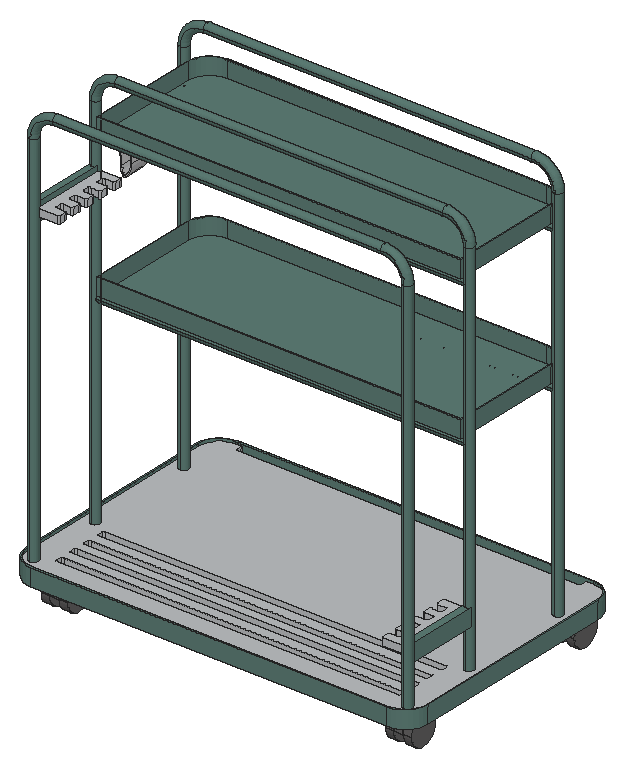
Revit family "okamura_MT30AA_スプリント_ワゴン_チームワゴン_700W×450D×790H", category 家具, Revit 2017
Family settings
  OmniClass 番号 = 23.40.20.00
  OmniClass タイトル = General Furniture and Specialties
  作業面に基づく = いいえ
  常に垂直 = はい
  ロード時にボイドで切り取り = いいえ
  共有 = いいえ
  部屋計算ポイント = いいえ
Parameters (values of type "ZH12（ダークグリーン）")
  製造元 = "株式会社オカムラ"
  製品名称 [instance] = "スプリント"  # constant formula
  製品仕様 [instance] = "チームワゴン"  # constant formula
  製品コード/色仕様 = "MT30AA"  # constant formula
  製品コード [instance] = "MT30AA"  # constant formula
  製品カテゴリ = "クリエイティブファニチュア"  # constant formula
  色仕様名称 [instance] = "ダークグリーン"
  色仕様コード [instance] = "ZH12"
  本体 = okm_ZH12
  導入日 [instance] = ""
  区分 = "ワゴン"  # constant formula
  共通仕様 = ""
  備考 = ""
  シリアルNo [instance] = ""
  キーノート = "12490"
  キャスター = okm_G81
  アセンブリ コード = "E2020200"
  W = 700.0 mm
  URL = "http://www.okamura.co.jp/"
  Product_URL = ""
  ID [instance] = ""
  H = 790.0 mm
  D = 450.0 mm
  Copyright [instance] = "©2021.10 okamura Corp."  # constant formula
Types (8, lengths in mm): name | 色仕様名称 | 色仕様コード | 本体
  (no name) | "ダークグリーン" | "ZH12" | okm_ZH12
  ZH11（オレンジレッド） | "オレンジレッド" | "ZH11" | okm_ZH11
  ZH12（ダークグリーン） | "ダークグリーン" | "ZH12" | okm_ZH12
  ZH13（イエロー） | "イエロー" | "ZH13" | okm_ZH13
  ZH14（セージ） | "セージ" | "ZH14" | okm_ZH14
  ZH15（ダークグレー） | "ダークグレー" | "ZH15" | okm_ZH15
  Z721（ネオブラック） | "ネオブラック" | "Z721" | okm_Z721
  ZC03（ネオホワイト） | "ネオホワイト" | "ZC03" | okm_ZC03
Reference planes
  plane 1 "中心(正面/背面)": y = 0
  plane 2: z = 0
  plane 3 "中心(左/右)": x = 0
  plane 4 "左": x = -350
  plane 5 "右": x = 350
  plane 6 "背面": y = 225
  plane 7 "正面": y = -225
  plane 8 "上": z = 790
Forms (mm)
  Extrusion 1, solid, material "okm_ZH12" <- "本体"
    sketch origin (0, 0, 0) x (1, 0, 0) y (0, 1, 0)
      loop
        arc (-310, 225) -> (-338.284, 213.284) -> (-350, 185) r 40
        line (-350, 185) -> (-350, -185)
        arc (-350, -185) -> (-338.284, -213.284) -> (-310, -225) r 40
        line (-310, -225) -> (310, -225)
        arc (310, -225) -> (338.284, -213.284) -> (350, -185) r 40
        line (350, -185) -> (350, 185)
        arc (350, 185) -> (338.284, 213.284) -> (310, 225) r 40
        line (310, 225) -> (-310, 225)
      loop
        line (310.4, 223.4) -> (-310.4, 223.4)
        arc (-310.4, 223.4) -> (-337.27, 212.27) -> (-348.4, 185.4) r 38
        line (-348.4, 185.4) -> (-348.4, -185.4)
        arc (-348.4, -185.4) -> (-337.27, -212.27) -> (-310.4, -223.4) r 38
        line (-310.4, -223.4) -> (310.4, -223.4)
        arc (310.4, -223.4) -> (337.27, -212.27) -> (348.4, -185.4) r 38
        line (348.4, -185.4) -> (348.4, 185.4)
        arc (348.4, 185.4) -> (337.27, 212.27) -> (310.4, 223.4) r 38
    from 55.5 to 85.5
  Extrusion 2, solid, material "okm_ZH12" <- "本体"
    sketch origin (0, 125, 2080) x (0, -1, 0) y (1, 0, 0)
      loop
        line (-38.05, 278.05) -> (-38.05, -278.05)
        arc (-38.05, -278.05) -> (-26.334, -306.334) -> (1.95, -318.05) r 40
        line (1.95, -318.05) -> (197.95, -318.05) -> (197.95, 318.05) -> (1.95, 318.05)
        arc (1.95, 318.05) -> (-26.334, 306.334) -> (-38.05, 278.05) r 40
      loop
        line (196.35, -316.45) -> (196.35, 316.45) -> (1.55, 316.45)
        arc (1.55, 316.45) -> (-25.32, 305.32) -> (-36.45, 278.45) r 38
        line (-36.45, 278.45) -> (-36.45, -278.45)
        arc (-36.45, -278.45) -> (-25.32, -305.32) -> (1.55, -316.45) r 38
        line (1.55, -316.45) -> (196.35, -316.45)
    from -1360 to -1390
  Extrusion 3, solid, material "okm_GLC"
    sketch origin (10, 0, -440) x (1, 0, 0) y (0, 0, 1)
      loop
        arc (-350.357, 1041.938) -> (-349.076, 1034.571) -> (-346.76, 1027.461) r 52.496
        arc (-346.76, 1027.461) -> (-343.752, 1025.028) -> (-340.091, 1026.281) r 4
        arc (-340.091, 1026.281) -> (-332.986, 1037.329) -> (-329.844, 1050.084) r 40
        arc (-329.844, 1050.084) -> (-328.434, 1086.867) -> (-329.844, 1123.65) r 480.463
        arc (-329.844, 1123.65) -> (-329.897, 1129.812) -> (-329.115, 1135.925) r 45.375
        line (-329.115, 1135.925) -> (-328.05, 1139.9) -> (-328.05, 1144.233)
        arc (-328.05, 1144.233) -> (-330.026, 1143.538) -> (-331.642, 1142.206) r 6
        arc (-331.642, 1142.206) -> (-337.125, 1134.372) -> (-341.016, 1125.636) r 50
        arc (-341.016, 1125.636) -> (-350.142, 1084.284) -> (-350.357, 1041.938) r 200
      loop
        arc (-329.729, 1141.362) -> (-335.236, 1133.647) -> (-339.12, 1125.001) r 48
        arc (-339.12, 1125.001) -> (-348.155, 1084.063) -> (-348.368, 1042.14) r 198
        arc (-348.368, 1042.14) -> (-347.135, 1035.053) -> (-344.907, 1028.214) r 50.496
        arc (-344.907, 1028.214) -> (-343.403, 1026.998) -> (-341.573, 1027.624) r 2
        arc (-341.573, 1027.624) -> (-334.823, 1038.12) -> (-331.838, 1050.237) r 38
        arc (-331.838, 1050.237) -> (-330.434, 1086.867) -> (-331.838, 1123.497) r 478.463
        arc (-331.838, 1123.497) -> (-331.892, 1129.964) -> (-331.064, 1136.379) r 47.375
        line (-331.064, 1136.379) -> (-329.729, 1141.362)
    from -7.55 to -42.55
  Extrusion 4, solid, material "okm_G81" <- "キャスター"
    sketch origin (0, 0, 0) x (0, 1, 0) y (0, 0, 1)
      loop
        circle (-162, 25) r 25
      loop
        circle (192, 25) r 25
    from -291.25 to -277.25
  Extrusion 5, solid, material "okm_G81" <- "キャスター"
    sketch origin (0, 0, 0) x (0, 1, 0) y (0, 0, -1)
      loop
        circle (-162, -25) r 25
      loop
        circle (192, -25) r 25
    from 308.75 to 322.75
  Extrusion 6, solid, material "okm_ZH12" <- "本体"
    sketch origin (0, 125, -1033.826) x (1, 0, 0) y (0, 1, 0)
      loop
        arc (-278.45, 36.45) -> (-305.32, 25.32) -> (-316.45, -1.55) r 38
        line (-316.45, -1.55) -> (-316.45, -196.35) -> (316.45, -196.35) -> (316.45, -1.55)
        arc (316.45, -1.55) -> (305.32, 25.32) -> (278.45, 36.45) r 38
        line (278.45, 36.45) -> (-278.45, 36.45)
    from 1725.426 to 1723.826
  Sweep 7, solid, material "okm_ZH12" <- "本体"
    path origin (0, -50, 0) x (1, 0, 0) y (0, 0, -1)
      loop
        line (326, -81.5) -> (326, -742.05)
        arc (326, -742.05) -> (314.284, -770.334) -> (286, -782.05) r 40
        line (286, -782.05) -> (-286, -782.05)
        arc (-286, -782.05) -> (-314.284, -770.334) -> (-326, -742.05) r 40
        line (-326, -742.05) -> (-326, -81.5)
    profile origin (-326, -50, 411.775) x (0, 1, 0) y (-1, 0, 0)
      loop
        circle (178, 0) r 7.95
      loop
        circle (-15, 0) r 7.95
      loop
        circle (-150, 0) r 7.95
  Extrusion 8, solid, material "okm_F4J"
    sketch origin (0, 0, 140) x (0, -1, 0) y (1, 0, 0)
      loop
        arc (-222.9, -309.9) -> (-211.77, -336.77) -> (-184.9, -347.9) r 38
        line (-184.9, -347.9) -> (184.9, -347.9)
        arc (184.9, -347.9) -> (211.77, -336.77) -> (222.9, -309.9) r 38
        line (222.9, -309.9) -> (222.9, 309.9)
        arc (222.9, 309.9) -> (211.77, 336.77) -> (184.9, 347.9) r 38
        line (184.9, 347.9) -> (-184.9, 347.9)
        arc (-184.9, 347.9) -> (-211.77, 336.77) -> (-222.9, 309.9) r 38
        line (-222.9, 309.9) -> (-222.9, 303.5)
        arc (-222.9, 303.5) -> (-222.021, 301.379) -> (-219.9, 300.5) r 3
        line (-219.9, 300.5) -> (-211.9, 300.5)
        arc (-211.9, 300.5) -> (-209.779, 299.621) -> (-208.9, 297.5) r 3
        line (-208.9, 297.5) -> (-208.9, -297.5)
        arc (-208.9, -297.5) -> (-209.779, -299.621) -> (-211.9, -300.5) r 3
        line (-211.9, -300.5) -> (-219.9, -300.5)
        arc (-219.9, -300.5) -> (-222.021, -301.379) -> (-222.9, -303.5) r 3
        line (-222.9, -303.5) -> (-222.9, -309.9)
      loop
        arc (94.538, 297.499) -> (93.66, 299.62) -> (91.538, 300.499) r 3
        line (91.538, 300.499) -> (83.538, 300.499)
        arc (83.538, 300.499) -> (81.417, 299.62) -> (80.538, 297.499) r 3
        line (80.538, 297.499) -> (80.5, -297.499)
        arc (80.5, -297.499) -> (81.379, -299.62) -> (83.5, -300.499) r 3
        line (83.5, -300.499) -> (91.5, -300.499)
        arc (91.5, -300.499) -> (93.621, -299.62) -> (94.5, -297.499) r 3
        line (94.5, -297.499) -> (94.538, 297.499)
      loop
        arc (110.5, -297.499) -> (111.379, -299.62) -> (113.5, -300.499) r 3
        line (113.5, -300.499) -> (121.5, -300.499)
        arc (121.5, -300.499) -> (123.621, -299.62) -> (124.5, -297.499) r 3
        line (124.5, -297.499) -> (124.538, 297.499)
        arc (124.538, 297.499) -> (123.66, 299.62) -> (121.538, 300.499) r 3
        line (121.538, 300.499) -> (113.538, 300.499)
        arc (113.538, 300.499) -> (111.417, 299.62) -> (110.538, 297.499) r 3
        line (110.538, 297.499) -> (110.5, -297.499)
      loop
        arc (140.5, -297.499) -> (141.379, -299.62) -> (143.5, -300.499) r 3
        line (143.5, -300.499) -> (151.5, -300.499)
        arc (151.5, -300.499) -> (153.621, -299.62) -> (154.5, -297.499) r 3
        line (154.5, -297.499) -> (154.538, 297.499)
        arc (154.538, 297.499) -> (153.66, 299.62) -> (151.538, 300.499) r 3
        line (151.538, 300.499) -> (143.538, 300.499)
        arc (143.538, 300.499) -> (141.417, 299.62) -> (140.538, 297.499) r 3
        line (140.538, 297.499) -> (140.5, -297.499)
      loop
        arc (170.5, -297.499) -> (171.379, -299.62) -> (173.5, -300.499) r 3
        line (173.5, -300.499) -> (181.5, -300.499)
        arc (181.5, -300.499) -> (183.621, -299.62) -> (184.5, -297.499) r 3
        line (184.5, -297.499) -> (184.538, 297.499)
        arc (184.538, 297.499) -> (183.66, 299.62) -> (181.538, 300.499) r 3
        line (181.538, 300.499) -> (173.538, 300.499)
        arc (173.538, 300.499) -> (171.417, 299.62) -> (170.538, 297.499) r 3
        line (170.538, 297.499) -> (170.5, -297.499)
    from -58.5 to -81.3
  Extrusion 9, solid, material "okm_ZH12" <- "本体"
    sketch origin (0, 0, 0) x (0, 1, 0) y (0, 0, 1)
      loop
        line (-65, 150) -> (-65, 180) -> (-200, 180) -> (-200, 150) -> (-65, 150)
    from 320 to 332
  Extrusion 10, solid, material "okm_ZH12" <- "本体"
    sketch origin (0, 0, 0) x (0, 1, 0) y (0, 0, -1)
      loop
        line (-65, -610) -> (-200, -610) -> (-200, -640) -> (-65, -640) -> (-65, -610)
    from 332 to 320
  Extrusion 11, solid, material "okm_G81" <- "キャスター"
    sketch origin (-582.5, 0, 0) x (0, 1, 0) y (0, 0, -1)
      loop
        line (-137, -24.972) -> (-187, -24.972)
        arc (-187, -24.972) -> (-162, -50) -> (-137, -24.972) r 25
      loop
        arc (167, -24.972) -> (192, -50) -> (217, -24.972) r 25
        line (217, -24.972) -> (167, -24.972)
    from -289.5 to -275.5
  Extrusion 12, solid, material "okm_G81" <- "キャスター"
    sketch origin (0, 0, 0) x (1, 0, 0) y (0, 1, 0)
      loop
        circle (-300, 177) r 8
      loop
        circle (300, 177) r 8
      loop
        circle (-300, -177) r 8
      loop
        circle (300, -177) r 8
    from 34.5 to 55.5
  Extrusion 13, solid, material "okm_G81" <- "キャスター"
    sketch origin (0, 0, 0) x (0, 1, 0) y (0, 0, -1)
      loop
        circle (-162, -25) r 25
      loop
        circle (192, -25) r 25
    from -291.25 to -277.25
  Extrusion 14, solid, material "okm_G81" <- "キャスター"
    sketch origin (0, 0, 0) x (0, 1, 0) y (0, 0, 1)
      loop
        circle (-162, 25) r 25
      loop
        circle (192, 25) r 25
    from 308.75 to 322.75
  Extrusion 15, solid, material "okm_G81" <- "キャスター"
    sketch origin (582.5, 0, 0) x (0, 1, 0) y (0, 0, 1)
      loop
        arc (-137, 24.972) -> (-162, 50) -> (-187, 24.972) r 25
        line (-187, 24.972) -> (-137, 24.972)
      loop
        line (167, 24.972) -> (217, 24.972)
        arc (217, 24.972) -> (192, 50) -> (167, 24.972) r 25
    from -289.5 to -275.5
  Extrusion 16, solid, material "okm_ZH12" <- "本体"
    sketch origin (0, 125, 1753.826) x (0, -1, 0) y (1, 0, 0)
      loop
        line (-38.05, 278.05) -> (-38.05, -278.05)
        arc (-38.05, -278.05) -> (-26.334, -306.334) -> (1.95, -318.05) r 40
        line (1.95, -318.05) -> (197.95, -318.05) -> (197.95, 318.05) -> (1.95, 318.05)
        arc (1.95, 318.05) -> (-26.334, 306.334) -> (-38.05, 278.05) r 40
      loop
        line (196.35, -316.45) -> (196.35, 316.45) -> (1.55, 316.45)
        arc (1.55, 316.45) -> (-25.32, 305.32) -> (-36.45, 278.45) r 38
        line (-36.45, 278.45) -> (-36.45, -278.45)
        arc (-36.45, -278.45) -> (-25.32, -305.32) -> (1.55, -316.45) r 38
        line (1.55, -316.45) -> (196.35, -316.45)
    from -1283.826 to -1313.826
  Extrusion 17, solid, material "okm_ZH12" <- "本体"
    sketch origin (0, 125, -1360) x (1, 0, 0) y (0, 1, 0)
      loop
        arc (-278.45, 36.45) -> (-305.32, 25.32) -> (-316.45, -1.55) r 38
        line (-316.45, -1.55) -> (-316.45, -196.35) -> (316.45, -196.35) -> (316.45, -1.55)
        arc (316.45, -1.55) -> (305.32, 25.32) -> (278.45, 36.45) r 38
        line (278.45, 36.45) -> (-278.45, 36.45)
    from 1801.6 to 1800
  Extrusion 18, solid, material "okm_ZH12" <- "本体"
    sketch origin (0, 0, 0) x (0, 1, 0) y (0, 0, 1)
      loop
        circle (-64.999, 683.65) r 6.35
      loop
        circle (127.999, 683.65) r 6.35
      loop
        circle (-64.999, 433.65) r 6.35
      loop
        circle (127.999, 433.65) r 6.35
    from -325 to 325
  Extrusion 19, solid, material "okm_F4J"
    sketch origin (0, 0, 764.421) x (0, -1, 0) y (1, 0, 0)
      loop
        line (77.501, -281) -> (67.5, -281)
        arc (67.5, -281) -> (65.379, -281.879) -> (64.5, -284) r 3
        line (64.5, -284) -> (64.5, -320) -> (200.5, -320) -> (200.5, -284)
        arc (200.5, -284) -> (199.621, -281.879) -> (197.5, -281) r 3
        line (197.5, -281) -> (187.501, -281)
        arc (187.501, -281) -> (185.38, -281.879) -> (184.501, -284) r 3
        line (184.501, -284) -> (184.5, -298)
        arc (184.5, -298) -> (183.621, -300.121) -> (181.5, -301) r 3
        line (181.5, -301) -> (173.5, -301)
        arc (173.5, -301) -> (171.379, -300.121) -> (170.5, -298) r 3
        line (170.5, -298) -> (170.501, -284)
        arc (170.501, -284) -> (169.622, -281.879) -> (167.501, -281) r 3
        line (167.501, -281) -> (157.501, -281)
        arc (157.501, -281) -> (155.38, -281.879) -> (154.501, -284) r 3
        line (154.501, -284) -> (154.5, -298)
        arc (154.5, -298) -> (153.621, -300.121) -> (151.5, -301) r 3
        line (151.5, -301) -> (143.5, -301)
        arc (143.5, -301) -> (141.379, -300.121) -> (140.5, -298) r 3
        line (140.5, -298) -> (140.501, -284)
        arc (140.501, -284) -> (139.622, -281.879) -> (137.501, -281) r 3
        line (137.501, -281) -> (127.501, -281)
        arc (127.501, -281) -> (125.38, -281.879) -> (124.501, -284) r 3
        line (124.501, -284) -> (124.5, -298)
        arc (124.5, -298) -> (123.621, -300.121) -> (121.5, -301) r 3
        line (121.5, -301) -> (113.5, -301)
        arc (113.5, -301) -> (111.379, -300.121) -> (110.5, -298) r 3
        line (110.5, -298) -> (110.501, -284)
        arc (110.501, -284) -> (109.622, -281.879) -> (107.501, -281) r 3
        line (107.501, -281) -> (97.501, -281)
        arc (97.501, -281) -> (95.38, -281.879) -> (94.501, -284) r 3
        line (94.501, -284) -> (94.5, -298)
        arc (94.5, -298) -> (93.621, -300.121) -> (91.5, -301) r 3
        line (91.5, -301) -> (83.5, -301)
        arc (83.5, -301) -> (81.379, -300.121) -> (80.5, -298) r 3
        line (80.5, -298) -> (80.501, -284)
        arc (80.501, -284) -> (79.622, -281.879) -> (77.501, -281) r 3
    from -131.421 to -143.421
  Extrusion 20, solid, material "okm_F4J"
    sketch origin (0, 0, 0) x (-1, 0, 0) y (0, -1, 0)
      loop
        arc (-281, 77.501) -> (-281.879, 79.622) -> (-284, 80.501) r 3
        line (-284, 80.501) -> (-298, 80.5)
        arc (-298, 80.5) -> (-300.121, 81.379) -> (-301, 83.5) r 3
        line (-301, 83.5) -> (-301, 91.5)
        arc (-301, 91.5) -> (-300.121, 93.621) -> (-298, 94.5) r 3
        line (-298, 94.5) -> (-284, 94.501)
        arc (-284, 94.501) -> (-281.879, 95.38) -> (-281, 97.501) r 3
        line (-281, 97.501) -> (-281, 107.501)
        arc (-281, 107.501) -> (-281.879, 109.622) -> (-284, 110.501) r 3
        line (-284, 110.501) -> (-298, 110.5)
        arc (-298, 110.5) -> (-300.121, 111.379) -> (-301, 113.5) r 3
        line (-301, 113.5) -> (-301, 121.5)
        arc (-301, 121.5) -> (-300.121, 123.621) -> (-298, 124.5) r 3
        line (-298, 124.5) -> (-284, 124.501)
        arc (-284, 124.501) -> (-281.879, 125.38) -> (-281, 127.501) r 3
        line (-281, 127.501) -> (-281, 137.501)
        arc (-281, 137.501) -> (-281.879, 139.622) -> (-284, 140.501) r 3
        line (-284, 140.501) -> (-298, 140.5)
        arc (-298, 140.5) -> (-300.121, 141.379) -> (-301, 143.5) r 3
        line (-301, 143.5) -> (-301, 151.5)
        arc (-301, 151.5) -> (-300.121, 153.621) -> (-298, 154.5) r 3
        line (-298, 154.5) -> (-284, 154.501)
        arc (-284, 154.501) -> (-281.879, 155.38) -> (-281, 157.501) r 3
        line (-281, 157.501) -> (-281, 167.501)
        arc (-281, 167.501) -> (-281.879, 169.622) -> (-284, 170.501) r 3
        line (-284, 170.501) -> (-298, 170.5)
        arc (-298, 170.5) -> (-300.121, 171.379) -> (-301, 173.5) r 3
        line (-301, 173.5) -> (-301, 181.5)
        arc (-301, 181.5) -> (-300.121, 183.621) -> (-298, 184.5) r 3
        line (-298, 184.5) -> (-284, 184.501)
        arc (-284, 184.501) -> (-281.879, 185.38) -> (-281, 187.501) r 3
        line (-281, 187.501) -> (-281, 197.5)
        arc (-281, 197.5) -> (-281.879, 199.621) -> (-284, 200.5) r 3
        line (-284, 200.5) -> (-320, 200.5) -> (-320, 64.5) -> (-284, 64.5)
        arc (-284, 64.5) -> (-281.879, 65.379) -> (-281, 67.5) r 3
        line (-281, 67.5) -> (-281, 77.501)
    from 161 to 173
  Extrusion 21, solid, material "okm_F4J"
    sketch origin (0, 0, -22.6) x (1, 0, 0) y (0, 1, 0)
      loop
        arc (-347.9, -184.9) -> (-336.77, -211.77) -> (-309.9, -222.9) r 38
        line (-309.9, -222.9) -> (309.9, -222.9)
        arc (309.9, -222.9) -> (336.77, -211.77) -> (347.9, -184.9) r 38
        line (347.9, -184.9) -> (347.9, 184.9)
        arc (347.9, 184.9) -> (336.77, 211.77) -> (309.9, 222.9) r 38
        line (309.9, 222.9) -> (-309.9, 222.9)
        arc (-309.9, 222.9) -> (-336.77, 211.77) -> (-347.9, 184.9) r 38
        line (-347.9, 184.9) -> (-347.9, -184.9)
    from 79.7 to 81.3
Cuts and joins
  joined: Extrusion 8, Extrusion 21
  joined: Extrusion 4, Extrusion 5, Extrusion 11, Extrusion 12, Extrusion 13, Extrusion 14, Extrusion 15
Lines and regions (mm)
  Masking region 1
    outline origin (0, 0, 0) x (1, 0, 0) y (0, 1, 0)
      loop
        line (310, 225) -> (-310, 225)
        arc (-310, 225) -> (-338.284, 213.284) -> (-350, 185) r 40
        line (-350, 185) -> (-350, -185)
        arc (-350, -185) -> (-338.284, -213.284) -> (-310, -225) r 40
        line (-310, -225) -> (310, -225)
        arc (310, -225) -> (338.284, -213.284) -> (350, -185) r 40
        line (350, -185) -> (350, 185)
        arc (350, 185) -> (338.284, 213.284) -> (310, 225) r 40
  symbolic lines, style "okm_簡略", detail levels coarse
    curve 1: line (310, 225, 0) -> (-310, 225, 0)
    curve 2: arc (-310, 225, 0) -> (-338.284, 213.284, 0) -> (-350, 185, 0) r 40
    curve 3: line (-350, 185, 0) -> (-350, -185, 0)
    curve 4: arc (350, 185, 0) -> (338.284, 213.284, 0) -> (310, 225, 0) r 40
    curve 40: line (310, -225, 0) -> (-310, -225, 0)
    curve 41: arc (-310, -225, 0) -> (-338.284, -213.284, 0) -> (-350, -185, 0) r 40
    curve 42: arc (350, -185, 0) -> (338.284, -213.284, 0) -> (310, -225, 0) r 40
    curve 46: line (350, 185, 0) -> (350, -185, 0)
    curve 64: line (-300.499, -80.526, 0) -> (300.499, -80.526, 0)
    curve 65: line (-300.499, -94.513, 0) -> (-300.499, -80.526, 0)
    curve 66: line (300.499, -94.513, 0) -> (-300.499, -94.513, 0)
    curve 67: line (300.499, -80.526, 0) -> (300.499, -94.513, 0)
    curve 68: line (300.499, -110.513, 0) -> (-300.499, -110.513, 0)
    curve 69: line (300.499, -124.526, 0) -> (300.499, -110.513, 0)
    curve 70: line (-300.499, -124.526, 0) -> (300.499, -124.526, 0)
    curve 71: line (-300.499, -110.513, 0) -> (-300.499, -124.526, 0)
    curve 72: line (-300.499, -140.526, 0) -> (300.499, -140.526, 0)
    curve 73: line (-300.499, -154.513, 0) -> (-300.499, -140.526, 0)
    curve 74: line (300.499, -154.513, 0) -> (-300.499, -154.513, 0)
    curve 75: line (300.499, -140.526, 0) -> (300.499, -154.513, 0)
    curve 76: line (300.499, -170.513, 0) -> (-300.499, -170.513, 0)
    curve 77: line (300.499, -184.526, 0) -> (300.499, -170.513, 0)
    curve 78: line (-300.499, -184.526, 0) -> (300.499, -184.526, 0)
    curve 79: line (-300.499, -170.513, 0) -> (-300.499, -184.526, 0)
    curve 80: line (-281, -72.95, 0) -> (-281, -80.526, 0)
    curve 81: line (-281, -94.513, 0) -> (-281, -110.513, 0)
    curve 82: line (-281, -124.526, 0) -> (-281, -140.526, 0)
    curve 83: line (-281, -154.513, 0) -> (-281, -170.513, 0)
    curve 84: line (-281, -184.526, 0) -> (-281, -192.05, 0)
    curve 85: line (281, -72.95, 0) -> (281, -80.526, 0)
    curve 86: line (281, -94.513, 0) -> (281, -110.513, 0)
    curve 87: line (281, -124.526, 0) -> (281, -140.526, 0)
    curve 88: line (281, -154.513, 0) -> (281, -170.513, 0)
    curve 89: line (281, -184.526, 0) -> (281, -192.05, 0)
    curve 90: line (326, -192.05, 0) -> (-326, -192.05, 0)
    curve 91: line (-326, -207.95, 0) -> (326, -207.95, 0)
    curve 92: line (326, -57.05, 0) -> (-326, -57.05, 0)
    curve 93: line (-326, -72.95, 0) -> (326, -72.95, 0)
    curve 94: line (320, -72.95, 0) -> (320, -192.05, 0)
    curve 95: line (332, -194.784, 0) -> (332, -70.216, 0)
    curve 96: line (-332, -70.216, 0) -> (-332, -194.784, 0)
    curve 97: line (-320, -192.05, 0) -> (-320, -72.95, 0)
    curve 98: arc (-326, -57.05, 0) -> (-333.95, -65, 0) -> (-326, -72.95, 0) r 7.95
    curve 99: arc (-326, -192.05, 0) -> (-333.95, -200, 0) -> (-326, -207.95, 0) r 7.95
    curve 100: arc (326, -57.05, 0) -> (333.95, -65, 0) -> (326, -72.95, 0) r 7.95
    curve 101: arc (326, -192.05, 0) -> (333.95, -200, 0) -> (326, -207.95, 0) r 7.95
    curve 102: arc (-326, 135.95, 0) -> (-333.95, 128, 0) -> (-326, 120.05, 0) r 7.95
    curve 103: arc (326, 135.95, 0) -> (333.95, 128, 0) -> (326, 120.05, 0) r 7.95
    curve 104: arc (278.05, 163.05, 0) -> (301.331, 155.577, 0) -> (315.913, 135.95, 0) r 40
    curve 105: arc (-315.913, 135.95, 0) -> (-301.331, 155.577, 0) -> (-278.05, 163.05, 0) r 40
    curve 106: line (-278.05, 163.05, 0) -> (278.05, 163.05, 0)
    curve 107: line (-318.05, -57.05, 0) -> (-318.05, 120.05, 0)
    curve 108: line (318.05, -57.05, 0) -> (318.05, 120.05, 0)
    curve 109: line (-326, 135.95, 0) -> (326, 135.95, 0)
    curve 110: line (326, 120.05, 0) -> (-326, 120.05, 0)
    curve 111: line (300.5, 208.9, 0) -> (-300.5, 208.9, 0)
    curve 112: line (-300.5, 208.9, 0) -> (-300.5, 225, 0)
    curve 113: line (300.5, 225, 0) -> (300.5, 208.9, 0)
  symbolic lines, style "okm_標準・詳細", detail levels medium+fine
    curve 5: line (-350, 185, 0) -> (-350, -185, 0)
    curve 6: arc (-310, 225, 0) -> (-338.284, 213.284, 0) -> (-350, 185, 0) r 40
    curve 7: line (310, 225, 0) -> (-310, 225, 0)
    curve 8: arc (350, 185, 0) -> (338.284, 213.284, 0) -> (310, 225, 0) r 40
    curve 9: arc (-326, 135.95, 0) -> (-333.95, 128, 0) -> (-326, 120.05, 0) r 7.95
    curve 10: arc (-326, -57.05, 0) -> (-333.95, -65, 0) -> (-326, -72.95, 0) r 7.95
    curve 11: arc (-326, -192.05, 0) -> (-333.95, -200, 0) -> (-326, -207.95, 0) r 7.95
    curve 12: line (-332, -70.216, 0) -> (-332, -194.784, 0)
    curve 13: line (-320, -192.05, 0) -> (-320, -72.95, 0)
    curve 14: arc (-278.05, 163.05, 0) -> (-301.331, 155.577, 0) -> (-315.913, 135.95, 0) r 40
    curve 15: line (278.05, 163.05, 0) -> (-278.05, 163.05, 0)
    curve 16: line (-318.05, 120.05, 0) -> (-318.05, -57.05, 0)
    curve 17: line (-300.499, -80.526, 0) -> (300.499, -80.526, 0)
    curve 18: line (300.499, -94.513, 0) -> (-300.499, -94.513, 0)
    curve 19: line (-300.499, -110.513, 0) -> (300.499, -110.513, 0)
    curve 20: line (300.499, -124.526, 0) -> (-300.499, -124.526, 0)
    curve 21: line (-300.499, -140.526, 0) -> (300.499, -140.526, 0)
    curve 22: line (300.499, -154.513, 0) -> (-300.499, -154.513, 0)
    curve 23: line (-300.499, -170.513, 0) -> (300.499, -170.513, 0)
    curve 24: line (300.499, -184.526, 0) -> (-300.499, -184.526, 0)
    curve 25: line (-300.499, -184.526, 0) -> (-300.499, -170.513, 0)
    curve 26: line (-300.499, -154.513, 0) -> (-300.499, -140.526, 0)
    curve 27: line (-300.499, -124.526, 0) -> (-300.499, -110.513, 0)
    curve 28: line (-300.499, -94.513, 0) -> (-300.499, -80.526, 0)
    curve 29: line (-281, -110.513, 0) -> (-281, -94.513, 0)
    curve 30: line (-281, -80.526, 0) -> (-281, -72.95, 0)
    curve 31: line (-281, -140.526, 0) -> (-281, -124.526, 0)
    curve 32: line (-281, -170.513, 0) -> (-281, -154.513, 0)
    curve 33: line (-281, -192.05, 0) -> (-281, -184.526, 0)
    curve 34: line (-326, 135.95, 0) -> (326, 135.95, 0)
    curve 35: line (-326, 120.05, 0) -> (326, 120.05, 0)
    curve 36: line (-326, -57.05, 0) -> (326, -57.05, 0)
    curve 37: line (-326, -72.95, 0) -> (326, -72.95, 0)
    curve 38: line (-326, -192.05, 0) -> (326, -192.05, 0)
    curve 39: line (-326, -207.95, 0) -> (326, -207.95, 0)
    curve 43: arc (-310, -225, 0) -> (-338.284, -213.284, 0) -> (-350, -185, 0) r 40
    curve 44: line (310, -225, 0) -> (-310, -225, 0)
    curve 45: arc (350, -185, 0) -> (338.284, -213.284, 0) -> (310, -225, 0) r 40
    curve 47: line (350, 185, 0) -> (350, -185, 0)
    curve 48: arc (326, 135.95, 0) -> (333.95, 128, 0) -> (326, 120.05, 0) r 7.95
    curve 49: arc (278.05, 163.05, 0) -> (301.331, 155.577, 0) -> (315.913, 135.95, 0) r 40
    curve 50: arc (326, -57.05, 0) -> (333.95, -65, 0) -> (326, -72.95, 0) r 7.95
    curve 51: arc (326, -192.05, 0) -> (333.95, -200, 0) -> (326, -207.95, 0) r 7.95
    curve 52: line (332, -70.216, 0) -> (332, -194.784, 0)
    curve 53: line (320, -192.05, 0) -> (320, -72.95, 0)
    curve 54: line (318.05, 120.05, 0) -> (318.05, -57.05, 0)
    curve 55: line (300.499, -184.526, 0) -> (300.499, -170.513, 0)
    curve 56: line (300.499, -154.513, 0) -> (300.499, -140.526, 0)
    curve 57: line (300.499, -124.526, 0) -> (300.499, -110.513, 0)
    curve 58: line (300.499, -94.513, 0) -> (300.499, -80.526, 0)
    curve 59: line (281, -110.513, 0) -> (281, -94.513, 0)
    curve 60: line (281, -80.526, 0) -> (281, -72.95, 0)
    curve 61: line (281, -140.526, 0) -> (281, -124.526, 0)
    curve 62: line (281, -170.513, 0) -> (281, -154.513, 0)
    curve 63: line (281, -192.05, 0) -> (281, -184.526, 0)
    curve 114: line (300.5, 225, 0) -> (300.5, 208.9, 0)
    curve 115: line (300.5, 208.9, 0) -> (-300.5, 208.9, 0)
    curve 116: line (-300.5, 208.9, 0) -> (-300.5, 225, 0)
Dimensions and locks
  equal spacing: plane 4 "左", plane 3 "中心(左/右)", plane 5 "右"
  "W": plane 4 "左" to plane 5 "右"
  equal spacing: plane 7 "正面", plane 1 "中心(正面/背面)", plane 6 "背面"
  "D": plane 7 "正面" to plane 6 "背面"
  "H": plane 8 "上" to level
  aligned and locked: level to plane 2
Automatic sketch dimensions
  Extrusion 1 sketch curve to plane 4 "左" = 0.0 mm
  plane 7 "正面" to Extrusion 1 sketch curve = 0.0 mm
  plane 6 "背面" to Extrusion 1 sketch curve = 0.0 mm
  Extrusion 1 sketch curve to plane 5 "右" = 0.0 mm
  plane 4 "左" to Extrusion 1 sketch curve = 1.6 mm
  Extrusion 1 sketch curve to Extrusion 1 sketch curve = 38.0 mm  (x2)
  Extrusion 1 sketch curve to Extrusion 1 sketch curve = 0.4 mm  (x5)
  Extrusion 1 sketch curve to Extrusion 1 sketch curve = 40.0 mm
  Extrusion 1 sketch curve to plane 5 "右" = 40.0 mm
  Extrusion 1 sketch curve to plane 5 "右" = 1.6 mm
  Extrusion 1 sketch curve to plane 7 "正面" = 1.6 mm
  plane 6 "背面" to Extrusion 2 sketch curve = 61.95 mm
  Extrusion 2 sketch curve to Extrusion 2 sketch curve = 1.6 mm  (x2)
  Extrusion 2 sketch curve to plane 5 "右" = 33.55 mm
  Extrusion 2 sketch curve to Extrusion 2 sketch curve = 38.0 mm  (x2)
  Extrusion 2 sketch curve to Extrusion 2 sketch curve = 0.4 mm  (x4)
  plane 1 "中心(正面/背面)" to Extrusion 2 sketch curve = 71.35 mm
  plane 4 "左" to Extrusion 2 sketch curve = 71.95 mm
  Extrusion 3 sketch curve to Extrusion 3 sketch curve = 0.0 mm  (x23)
  Extrusion 3 sketch curve to plane 8 "上" = 143.133 mm
  Extrusion 3 sketch curve to plane 4 "左" = 448.897 mm
  Extrusion 3 sketch curve to plane 4 "左" = 9.726 mm
  plane 4 "左" to Extrusion 3 sketch curve = 16.945 mm
  plane 4 "左" to Extrusion 3 sketch curve = 28.936 mm
  Extrusion 3 sketch curve to Extrusion 3 sketch curve = 1.335 mm
  Extrusion 3 sketch curve to Extrusion 3 sketch curve = 1.949 mm
  Extrusion 3 sketch curve to Extrusion 3 sketch curve = 1.679 mm
  Extrusion 3 sketch curve to Extrusion 3 sketch curve = 0.972 mm
  Extrusion 3 sketch curve to Extrusion 3 sketch curve = 44.926 mm
  Extrusion 3 sketch curve to Extrusion 3 sketch curve = 33.472 mm
  Extrusion 3 sketch curve to Extrusion 3 sketch curve = 9.004 mm
  Extrusion 3 sketch curve to plane 3 "中心(左/右)" = 141.376 mm
  Extrusion 3 sketch curve to plane 8 "上" = 167.899 mm
  Extrusion 3 sketch curve to plane 8 "上" = 176.854 mm
  Extrusion 3 sketch curve to Extrusion 3 sketch curve = 5.916 mm
  Extrusion 3 sketch curve to Extrusion 3 sketch curve = 24.179 mm
  Extrusion 3 sketch curve to Extrusion 3 sketch curve = 62.522 mm
  Extrusion 3 sketch curve to Extrusion 3 sketch curve = 17.371 mm
  Extrusion 3 sketch curve to Extrusion 3 sketch curve = 26.172 mm
  Extrusion 3 sketch curve to Extrusion 3 sketch curve = 0.454 mm
  Extrusion 3 sketch curve to Extrusion 3 sketch curve = 2.387 mm
  Extrusion 3 sketch curve to Extrusion 3 sketch curve = 1.588 mm
  Extrusion 3 sketch curve to Extrusion 3 sketch curve = 1.462 mm
  Extrusion 3 sketch curve to Extrusion 3 sketch curve = 2.87 mm
  plane 4 "左" to Extrusion 3 sketch curve = 9.643 mm
  Extrusion 3 sketch curve to Extrusion 3 sketch curve = 1.99 mm
  level to Extrusion 4 sketch curve = 25.0 mm  (x2)
  Extrusion 4 sketch curve to plane 7 "正面" = 63.0 mm
  plane 6 "背面" to Extrusion 4 sketch curve = 33.0 mm
  level to Extrusion 5 sketch curve = 25.0 mm  (x2)
  Extrusion 5 sketch curve to plane 7 "正面" = 63.0 mm
  plane 6 "背面" to Extrusion 5 sketch curve = 33.0 mm
  Masking region 1 sketch curve to plane 4 "左" = 0.0 mm
  plane 7 "正面" to Masking region 1 sketch curve = 0.0 mm
  plane 6 "背面" to Masking region 1 sketch curve = 0.0 mm
  Masking region 1 sketch curve to plane 5 "右" = 0.0 mm
  plane 4 "左" to Masking region 1 sketch curve = 40.0 mm  (x2)
  Masking region 1 sketch curve to Masking region 1 sketch curve = 40.0 mm  (x2)
  plane 4 "左" to Extrusion 6 sketch curve = 33.55 mm
  Extrusion 6 sketch curve to Extrusion 6 sketch curve = 38.0 mm
  Extrusion 6 sketch curve to plane 5 "右" = 71.55 mm
  Extrusion 6 sketch curve to plane 5 "右" = 33.55 mm
  plane 1 "中心(正面/背面)" to Extrusion 6 sketch curve = 71.35 mm
  plane 6 "背面" to Extrusion 6 sketch curve = 101.55 mm
  plane 4 "左" to Sweep 7 sketch curve = 24.0 mm
  Sweep 7 sketch curve to plane 8 "上" = 7.95 mm
  Sweep 7 sketch curve to Sweep 7 sketch curve = 40.0 mm
  Sweep 7 sketch curve to plane 5 "右" = 64.0 mm
  Sweep 7 sketch curve to plane 5 "右" = 24.0 mm
  level to Sweep 7 sketch curve = 81.5 mm  (x2)
  Sweep 7 sketch curve to profile plane = 0.0 mm
  profile plane to Sweep 7 sketch curve = 0.0 mm  (x2)
  Sweep 7 sketch curve to profile plane = 150.0 mm
  Sweep 7 sketch curve to profile plane = 15.0 mm
  profile plane to Sweep 7 sketch curve = 178.0 mm
  plane 6 "背面" to Extrusion 8 sketch curve = 2.1 mm  (x2)
  Extrusion 8 sketch curve to Extrusion 8 sketch curve = 3.0 mm  (x24)
  Extrusion 8 sketch curve to Extrusion 8 sketch curve = 8.0 mm  (x10)
  Extrusion 8 sketch curve to Extrusion 8 sketch curve = 24.0 mm  (x2)
  plane 4 "左" to Extrusion 8 sketch curve = 52.501 mm  (x5)
  plane 1 "中心(正面/背面)" to Extrusion 8 sketch curve = 80.5 mm
  Extrusion 8 sketch curve to plane 5 "右" = 52.501 mm  (x6)
  plane 1 "中心(正面/背面)" to Extrusion 8 sketch curve = 80.538 mm
  Extrusion 8 sketch curve to Extrusion 8 sketch curve = 16.0 mm  (x6)
  Extrusion 8 sketch curve to plane 5 "右" = 2.1 mm
  Extrusion 8 sketch curve to plane 7 "正面" = 40.1 mm
  Extrusion 8 sketch curve to Extrusion 8 sketch curve = 3.4 mm
  Extrusion 8 sketch curve to plane 7 "正面" = 2.1 mm
  Extrusion 8 sketch curve to Extrusion 8 sketch curve = 0.0 mm  (x7)
  plane 4 "左" to Extrusion 8 sketch curve = 52.5 mm
  Extrusion 8 sketch curve to Extrusion 8 sketch curve = 6.4 mm
  Extrusion 8 sketch curve to Extrusion 8 sketch curve = 12.401 mm
  Extrusion 8 sketch curve to Extrusion 8 sketch curve = 12.4 mm
  Extrusion 9 sketch curve to plane 7 "正面" = 25.0 mm
  plane 1 "中心(正面/背面)" to Extrusion 9 sketch curve = 65.0 mm
  level to Extrusion 9 sketch curve = 150.0 mm
  Extrusion 9 sketch curve to Extrusion 9 sketch curve = 30.0 mm
  Extrusion 10 sketch curve to plane 7 "正面" = 25.0 mm
  plane 1 "中心(正面/背面)" to Extrusion 10 sketch curve = 65.0 mm
  Extrusion 10 sketch curve to plane 8 "上" = 150.0 mm
  Extrusion 10 sketch curve to Extrusion 10 sketch curve = 30.0 mm
  Extrusion 11 sketch curve to plane 7 "正面" = 38.0 mm
  Extrusion 11 sketch curve to Extrusion 11 sketch curve = 25.0 mm  (x2)
  level to Extrusion 11 sketch curve = 24.972 mm  (x2)
  plane 6 "背面" to Extrusion 11 sketch curve = 58.0 mm
  level to Extrusion 11 sketch curve = 25.0 mm  (x2)
  plane 4 "左" to Extrusion 12 sketch curve = 50.0 mm  (x2)
  Extrusion 12 sketch curve to plane 5 "右" = 50.0 mm  (x2)
  Extrusion 12 sketch curve to plane 7 "正面" = 48.0 mm  (x2)
  plane 6 "背面" to Extrusion 12 sketch curve = 48.0 mm  (x2)
  level to Extrusion 13 sketch curve = 25.0 mm  (x2)
  Extrusion 13 sketch curve to plane 7 "正面" = 63.0 mm
  plane 6 "背面" to Extrusion 13 sketch curve = 33.0 mm
  level to Extrusion 14 sketch curve = 25.0 mm  (x2)
  Extrusion 14 sketch curve to plane 7 "正面" = 63.0 mm
  plane 6 "背面" to Extrusion 14 sketch curve = 33.0 mm
  Extrusion 15 sketch curve to plane 7 "正面" = 38.0 mm
  Extrusion 15 sketch curve to Extrusion 15 sketch curve = 25.0 mm  (x2)
  level to Extrusion 15 sketch curve = 24.972 mm  (x2)
  plane 6 "背面" to Extrusion 15 sketch curve = 58.0 mm
  level to Extrusion 15 sketch curve = 25.0 mm  (x2)
  plane 6 "背面" to Extrusion 16 sketch curve = 61.95 mm
  Extrusion 16 sketch curve to Extrusion 16 sketch curve = 1.6 mm  (x2)
  Extrusion 16 sketch curve to plane 5 "右" = 33.55 mm
  Extrusion 16 sketch curve to Extrusion 16 sketch curve = 38.0 mm  (x2)
  Extrusion 16 sketch curve to Extrusion 16 sketch curve = 0.4 mm  (x4)
  plane 1 "中心(正面/背面)" to Extrusion 16 sketch curve = 71.35 mm
  plane 4 "左" to Extrusion 16 sketch curve = 71.95 mm
  plane 4 "左" to Extrusion 17 sketch curve = 33.55 mm
  Extrusion 17 sketch curve to Extrusion 17 sketch curve = 38.0 mm
  Extrusion 17 sketch curve to plane 5 "右" = 71.55 mm
  Extrusion 17 sketch curve to plane 5 "右" = 33.55 mm
  plane 1 "中心(正面/背面)" to Extrusion 17 sketch curve = 71.35 mm
  plane 6 "背面" to Extrusion 17 sketch curve = 101.55 mm
  plane 1 "中心(正面/背面)" to Extrusion 18 sketch curve = 64.999 mm  (x2)
  plane 6 "背面" to Extrusion 18 sketch curve = 97.001 mm  (x2)
  Extrusion 18 sketch curve to plane 8 "上" = 356.35 mm
  Extrusion 18 sketch curve to Extrusion 18 sketch curve = 0.0 mm
  Extrusion 18 sketch curve to plane 8 "上" = 106.35 mm  (x2)
  plane 1 "中心(正面/背面)" to Extrusion 19 sketch curve = 64.5 mm
  Extrusion 19 sketch curve to Extrusion 19 sketch curve = 3.0 mm  (x24)
  Extrusion 19 sketch curve to Extrusion 19 sketch curve = 10.001 mm
  plane 4 "左" to Extrusion 19 sketch curve = 52.0 mm  (x5)
  Extrusion 19 sketch curve to Extrusion 19 sketch curve = 2.999 mm  (x4)
  plane 4 "左" to Extrusion 19 sketch curve = 66.0 mm  (x5)
  Extrusion 19 sketch curve to Extrusion 19 sketch curve = 8.0 mm  (x4)
  Extrusion 19 sketch curve to Extrusion 19 sketch curve = 14.0 mm  (x6)
  Extrusion 19 sketch curve to Extrusion 19 sketch curve = 10.0 mm  (x3)
  Extrusion 19 sketch curve to Extrusion 19 sketch curve = 9.999 mm
  Extrusion 19 sketch curve to plane 7 "正面" = 24.5 mm
  Extrusion 19 sketch curve to Extrusion 19 sketch curve = 0.0 mm  (x6)
  Extrusion 19 sketch curve to Extrusion 19 sketch curve = 19.0 mm
  plane 5 "右" to Extrusion 20 sketch curve = 30.0 mm
  Extrusion 20 sketch curve to Extrusion 20 sketch curve = 19.0 mm  (x2)
  Extrusion 20 sketch curve to Extrusion 20 sketch curve = 0.0 mm  (x19)
  Extrusion 20 sketch curve to Extrusion 20 sketch curve = 3.0 mm  (x17)
  Extrusion 20 sketch curve to Extrusion 20 sketch curve = 14.0 mm  (x5)
  plane 7 "正面" to Extrusion 20 sketch curve = 40.499 mm
  Extrusion 20 sketch curve to Extrusion 20 sketch curve = 9.999 mm
  Extrusion 20 sketch curve to Extrusion 20 sketch curve = 0.001 mm  (x8)
  Extrusion 20 sketch curve to Extrusion 20 sketch curve = 8.0 mm  (x4)
  Extrusion 20 sketch curve to Extrusion 20 sketch curve = 10.0 mm  (x3)
  Extrusion 20 sketch curve to Extrusion 20 sketch curve = 10.001 mm
  plane 4 "左" to Extrusion 21 sketch curve = 2.1 mm
  Extrusion 21 sketch curve to plane 7 "正面" = 2.1 mm
  plane 4 "左" to Extrusion 21 sketch curve = 40.1 mm
  Extrusion 21 sketch curve to Extrusion 21 sketch curve = 38.0 mm  (x2)
  plane 6 "背面" to Extrusion 21 sketch curve = 2.1 mm
  Extrusion 21 sketch curve to plane 5 "右" = 40.1 mm
  Extrusion 21 sketch curve to plane 5 "右" = 2.1 mm
  curve 14 to curve 105 = 0.0 mm
  curve 49 to curve 104 = 0.0 mm
  curve 5 to plane 4 "左" = 0.0 mm
  plane 7 "正面" to curve 41 = 0.0 mm
  plane 6 "背面" to curve 7 = 0.0 mm
  curve 47 to plane 5 "右" = 0.0 mm
  plane 4 "左" to curve 98 = 24.0 mm
  plane 4 "左" to curve 9 = 24.0 mm
  plane 4 "左" to curve 39 = 24.0 mm
  curve 99 to curve 41 = 16.0 mm
  plane 4 "左" to curve 6 = 40.0 mm
  curve 10 to curve 28 = 25.501 mm
  curve 68 to curve 18 = 0.0 mm  (x2)
  curve 72 to curve 20 = 0.0 mm  (x2)
  curve 76 to curve 22 = 0.0 mm
  curve 35 to curve 14 = 47.95 mm
  curve 104 to plane 5 "右" = 71.95 mm
  curve 67 to plane 5 "右" = 49.501 mm
  curve 55 to curve 22 = 0.0 mm
  curve 24 to curve 45 = 9.501 mm
  curve 15 to curve 8 = 31.95 mm
  curve 39 to plane 7 "正面" = 17.05 mm
  curve 40 to curve 39 = 16.0 mm
  curve 48 to plane 5 "右" = 24.0 mm
  curve 36 to plane 5 "右" = 24.0 mm
  curve 39 to curve 51 = 7.95 mm
  curve 41 to curve 78 = 0.474 mm
  curve 24 to curve 25 = 14.013 mm
  curve 23 to curve 56 = 16.0 mm
  curve 22 to curve 21 = 13.987 mm
  curve 21 to curve 27 = 16.0 mm
  curve 20 to curve 69 = 14.013 mm
  curve 19 to curve 66 = 16.0 mm
  curve 18 to curve 58 = 13.987 mm
  curve 17 to curve 37 = 7.576 mm
  curve 98 to curve 98 = 7.95 mm
  curve 35 to curve 8 = 64.95 mm
  curve 107 to curve 14 = 3.0 mm
  curve 54 to curve 49 = 3.0 mm
  curve 35 to curve 48 = 7.95 mm
  curve 15 to curve 2 = 21.95 mm
  curve 96 to curve 11 = 6.0 mm
  curve 12 to curve 96 = 0.0 mm
  curve 99 to curve 97 = 6.0 mm
  curve 13 to curve 97 = 0.0 mm
  curve 10 to curve 107 = 7.95 mm
  curve 16 to curve 107 = 0.0 mm
  curve 20 to curve 82 = 19.499 mm
  curve 29 to curve 82 = 0.0 mm
  curve 24 to curve 84 = 19.499 mm
  curve 83 to curve 84 = 0.0 mm
  curve 30 to curve 29 = 0.0 mm
  curve 31 to curve 82 = 0.0 mm
  curve 81 to curve 29 = 0.0 mm
  curve 32 to curve 83 = 0.0 mm
  curve 80 to curve 30 = 0.0 mm
  curve 33 to curve 84 = 0.0 mm
  curve 88 to curve 23 = 19.499 mm
  curve 89 to curve 88 = 0.0 mm
  curve 87 to curve 88 = 0.0 mm
  curve 59 to curve 87 = 0.0 mm
  curve 60 to curve 59 = 0.0 mm
  curve 61 to curve 87 = 0.0 mm
  curve 62 to curve 88 = 0.0 mm
  curve 63 to curve 89 = 0.0 mm
  curve 86 to curve 59 = 0.0 mm
  curve 85 to curve 60 = 0.0 mm
  curve 108 to curve 35 = 7.95 mm
  curve 54 to curve 108 = 0.0 mm
  curve 53 to curve 37 = 6.0 mm
  curve 94 to curve 53 = 0.0 mm
  curve 51 to curve 52 = 6.0 mm
  curve 95 to curve 52 = 0.0 mm
  curve 1 to curve 116 = 9.5 mm
  curve 111 to curve 4 = 9.5 mm
  plane 6 "背面" to curve 115 = 16.1 mm
  radius of Extrusion 4 sketch curve = 25.0 mm  (x2)
  radius of Extrusion 5 sketch curve = 25.0 mm  (x2)
  radius of Sweep 7 sketch curve = 7.95 mm  (x3)
  radius of Extrusion 12 sketch curve = 8.0 mm  (x4)
  radius of Extrusion 13 sketch curve = 25.0 mm  (x2)
  radius of Extrusion 14 sketch curve = 25.0 mm  (x2)
  radius of Extrusion 18 sketch curve = 6.35 mm  (x4)
